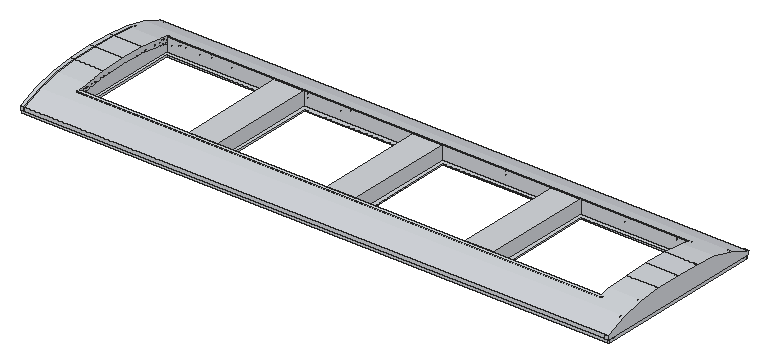
Revit family "Gira_021471", category Electrical Fixtures, host Face, Revit 2017
Family settings
  Host = Face
  Maintain Annotation Orientation = No
  Round Connector Dimension = Use Diameter
  Part Type = Normal
  Cut with Voids When Loaded = No
  Shared = No
  Room Calculation Point = No
Parameters (values of type "Abdeckrahmen 4f Zwischenr. F Alu Gira Event Reinweiß m")
  Werkstoffgüte = "Thermoplast"
  Werkstoff = "Kunststoff"
  URL = "http://katalog.gira.de/de_DE/datenblatt.html?artikelnr=021471"
  Transparent = "No"
  Textfeld/Beschriftungsfläche = "No"
  Schutzart (IP) = "IP20"
  Region = "DE"
  Oberfläche = "sonstige"
  Name = "Abdeckrahmen 4f Zwischenr. F Alu Gira Event Reinweiß m"
  Montagerichtung = "horizontal und vertikal"
  Mit Montagerahmen = "No"
  Mit Klappdeckel = "No"
  Manufacturer URL = "https://www.gira.de/"
  Keynote = "Event_Rahmen_4fach"
  HeinzeBIM = "https://bimportal.heinze.de/bim/abdeckrahmen-4f-zwischenr-f-alu-gira-event-reinweiss-m/c332af8ab6f8d3d755ceb0473b99c52dae5da1ca"
  Halogenfrei = "Yes"
  HAN = "021471"
  Geeignet für Unterputz-Installation = "Yes"
  Geeignet für Unterflurkanaldose = "No"
  Geeignet für Geräteeinbaukanal = "No"
  Geeignet für Einbauinstallation = "No"
  GTIN = "4010337214717"
  Farbe = "weiß"
  Default Elevation = 1219.2 mm
  Data sheet (1) = "https://katalog.gira.de/de_DE/download.html?artikelnr=021471"
  Category = "Abdeckrahmen"
  Befestigungsart = "Klemmbefestigung"
  Available = "Yes"
  Anzahl der Einheiten vertikal = "4 "
  Anzahl der Einheiten horizontal = "4 "
  Anzahl der Einheiten = "4 "
Reference planes
  plane 1 "Center (Front/Back)": y = 0
  plane 2: z = 0
  plane 3 "Center (Left/Right)": x = 0
Forms (mm)
  Extrusion 1, solid, detail levels fine
    sketch origin (0, 0, 0.05) x (0, 1, 0) y (0, 0, 1)
      loop
        arc (12.445, 9.683) -> (6.223, 9.833) -> (0, 9.85) r 291.636
        arc (0, 9.85) -> (-6.223, 9.833) -> (-12.445, 9.683) r 291.636
        arc (-12.445, 9.683) -> (-29.14, 7.482) -> (-45, 1.823) r 79.728
        line (-45, 1.823) -> (-45, -0.05) -> (-42.086, -0.05)
        arc (-42.086, -0.05) -> (-21.385, 5.559) -> (0, 7.206) r 114.424
        arc (0, 7.206) -> (21.385, 5.559) -> (42.086, -0.05) r 114.424
        line (42.086, -0.05) -> (45, -0.05) -> (45, 1.823)
        arc (45, 1.823) -> (29.14, 7.482) -> (12.445, 9.683) r 79.728
    from -151.95 to 151.935
  Extrusion 2, void, detail levels fine
    sketch origin (0, 0, 0) x (1, 0, 0) y (0, 1, 0)
      loop
        line (134.95, 28.035) -> (-134.95, 28.035) -> (-134.95, -28.035) -> (134.95, -28.035) -> (134.95, 28.035)
    from 0.724 to 11
  Extrusion 3, solid, detail levels coarse
    sketch origin (0, 0, 0) x (1, 0, 0) y (0, 1, 0)
      loop
        line (-151.95, 45) -> (-151.95, -45) -> (151.935, -45) -> (151.935, 45) -> (-151.95, 45)
    from -1.5 to 9.9
  Extrusion 4, solid, detail levels medium
    sketch origin (0, 0, 0.05) x (0, 1, 0) y (0, 0, 1)
      loop
        arc (12.445, 9.683) -> (6.223, 9.833) -> (0, 9.85) r 291.636
        arc (0, 9.85) -> (-6.223, 9.833) -> (-12.445, 9.683) r 291.636
        arc (-12.445, 9.683) -> (-29.14, 7.482) -> (-45, 1.823) r 79.728
        line (-45, 1.823) -> (-45, -0.05) -> (45, -0.05) -> (45, 1.823)
        arc (45, 1.823) -> (29.14, 7.482) -> (12.445, 9.683) r 79.728
    from -151.95 to 151.935
  Extrusion 5, solid, detail levels fine
    sketch origin (-106.95, 0, -1.5) x (0, 1, 0) y (0, 0, -1)
      loop
        line (45, -3.373) -> (45, -1.5) -> (-45, -1.5) -> (-45, -3.373)
        arc (-45, -3.373) -> (-29.14, -9.032) -> (-12.445, -11.233) r 79.728
        arc (-12.445, -11.233) -> (-6.223, -11.383) -> (0, -11.4) r 291.636
        arc (0, -11.4) -> (6.223, -11.383) -> (12.445, -11.233) r 291.636
        arc (12.445, -11.233) -> (29.14, -9.032) -> (45, -3.373) r 79.728
    from 43 to 45
  Extrusion 6, solid, detail levels fine
    sketch origin (0, 0, 0) x (1, 0, 0) y (0, 1, 0)
      loop
        line (-132.85, 25.7) -> (-132.85, -25.7) -> (-81.05, -25.7) -> (-81.05, 25.7) -> (-132.85, 25.7)
      loop
        line (-9.755, -25.7) -> (-9.755, 25.7) -> (-61.555, 25.7) -> (-61.555, -25.7) -> (-9.755, -25.7)
      loop
        line (-135.845, 28.49) -> (-135.845, -28.495)
        spline (-135.845, -28.495) -> (-135.836, -28.625) -> (-135.811, -28.754) -> (-135.769, -28.878) -> (-135.711, -28.995) -> (-135.638, -29.104) -> (-135.552, -29.202) -> (-135.454, -29.288) -> (-135.345, -29.361) -> (-135.228, -29.419) -> (-135.104, -29.461) -> (-134.975, -29.486) -> (-134.845, -29.495)
        line (-134.845, -29.495) -> (134.845, -29.495)
        spline (134.845, -29.495) -> (134.975, -29.486) -> (135.104, -29.461) -> (135.228, -29.419) -> (135.345, -29.361) -> (135.454, -29.288) -> (135.552, -29.202) -> (135.638, -29.104) -> (135.711, -28.995) -> (135.769, -28.878) -> (135.811, -28.754) -> (135.836, -28.625) -> (135.845, -28.495)
        line (135.845, -28.495) -> (135.845, 28.49)
        spline (135.845, 28.49) -> (135.836, 28.62) -> (135.811, 28.748) -> (135.769, 28.872) -> (135.711, 28.99) -> (135.638, 29.098) -> (135.552, 29.197) -> (135.454, 29.283) -> (135.345, 29.356) -> (135.228, 29.413) -> (135.104, 29.456) -> (134.975, 29.481) -> (134.845, 29.49)
        line (134.845, 29.49) -> (-134.845, 29.49)
        spline (-134.845, 29.49) -> (-134.975, 29.481) -> (-135.104, 29.456) -> (-135.228, 29.413) -> (-135.345, 29.356) -> (-135.454, 29.283) -> (-135.552, 29.197) -> (-135.638, 29.098) -> (-135.711, 28.99) -> (-135.769, 28.872) -> (-135.811, 28.748) -> (-135.836, 28.62) -> (-135.845, 28.49)
      loop
        line (61.545, -25.7) -> (61.545, 25.7) -> (9.745, 25.7) -> (9.745, -25.7) -> (61.545, -25.7)
      loop
        line (132.85, -25.7) -> (132.85, 25.7) -> (81.05, 25.7) -> (81.05, -25.7) -> (132.85, -25.7)
    from 0.1 to 7.3
  Extrusion 7, solid
    sketch origin (0, 0, 0) x (1, 0, 0) y (0, 1, 0)
      loop
        arc (-151.65, -44.218) -> (-151.504, -44.572) -> (-151.15, -44.718) r 0.5
        line (-151.15, -44.718) -> (151.15, -44.718)
        arc (151.15, -44.718) -> (151.504, -44.572) -> (151.65, -44.218) r 0.5
        line (151.65, -44.218) -> (151.65, 44.182)
        arc (151.65, 44.182) -> (151.504, 44.535) -> (151.15, 44.682) r 0.5
        line (151.15, 44.682) -> (-151.15, 44.682)
        arc (-151.15, 44.682) -> (-151.504, 44.535) -> (-151.65, 44.182) r 0.5
        line (-151.65, 44.182) -> (-151.65, -44.218)
      loop
        line (-149.95, 42.982) -> (-149.95, -43.018) -> (149.95, -43.018) -> (149.95, 42.982) -> (-149.95, 42.982)
    from -1.5 to 0.5
  Extrusion 8, solid, detail levels fine
    sketch origin (106.935, 0, -1.5) x (0, 1, 0) y (0, 0, 1)
      loop
        arc (45, 3.373) -> (29.14, 9.032) -> (12.445, 11.233) r 79.728
        arc (12.445, 11.233) -> (6.223, 11.383) -> (0, 11.4) r 291.636
        arc (0, 11.4) -> (-6.223, 11.383) -> (-12.445, 11.233) r 291.636
        arc (-12.445, 11.233) -> (-29.14, 9.032) -> (-45, 3.373) r 79.728
        line (-45, 3.373) -> (-45, 1.5) -> (45, 1.5) -> (45, 3.373)
    from 43 to 45
  Extrusion 9, solid, detail levels medium
    sketch origin (0, 0, 0) x (1, 0, 0) y (0, 1, 0)
      loop
        line (-151.65, -44.718) -> (151.65, -44.718) -> (151.65, 44.682) -> (-151.65, 44.682) -> (-151.65, -44.718)
    from -1.5 to 0.5
  Extrusion 10, solid, detail levels fine
    sketch origin (-69.857, 0, 0) x (1, 0, 0) y (0, 1, 0)
      loop
        line (-8.943, 28.063) -> (-8.943, -27.937) -> (6.057, -27.937) -> (6.057, 28.063) -> (-8.943, 28.063)
    from 0.724 to 7.566
  Extrusion 11, solid, detail levels fine
    sketch origin (-1.443, 0, 0) x (-1, 0, 0) y (0, -1, 0)
      loop
        line (-8.943, -28.063) -> (6.057, -28.063) -> (6.057, 27.937) -> (-8.943, 27.937) -> (-8.943, -28.063)
    from 0.724 to 7.566
  Extrusion 12, solid, detail levels fine
    sketch origin (69.857, 0, 0) x (-1, 0, 0) y (0, -1, 0)
      loop
        line (-8.943, -28.063) -> (6.057, -28.063) -> (6.057, 27.937) -> (-8.943, 27.937) -> (-8.943, -28.063)
    from 0.724 to 7.566
Cuts and joins
  Extrusion 2 cuts Extrusion 1
  Extrusion 2 cuts Extrusion 6
Dimensions and locks
  aligned and locked: plane 2 to host face
  aligned and locked: level to host face
